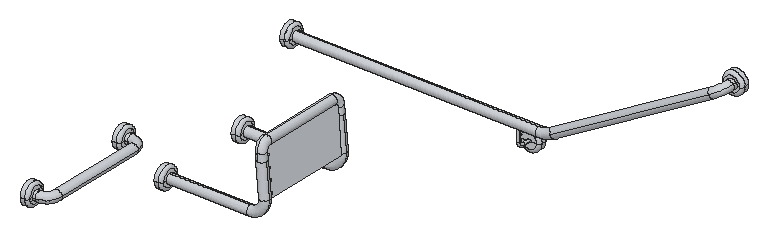
Revit family "DT5SEE+DT6SEE_AssistedWC Rail w Backrest", category Generic Models, Revit 2015
Parameters (values of type "DT5/DT6 Toilet Rail")
  Type Comments = ""
  Model = "DT5SEE/ DT6SEE"
  Manufacturer = "SURECARE"
  300GrabRail [instance] = yes
Reference planes
  plane 1 "Center (Front/Back)": y = 0
  plane 2: z = 0
  plane 3 "Center (Left/Right)": x = 0
  plane 4 "ToiletCentre": y = -450
  plane 5: y = -800
  plane 6: z = 800
  plane 7: y = -55
  plane 8: y = -1200
  plane 9: x = 800
Dimensions and locks
  plane 4 "ToiletCentre" to plane 5 = 350 mm
  aligned and locked: level to plane 2
  aligned and locked: plane 1 "Center (Front/Back)" to nested 1
  aligned and locked: plane 3 "Center (Left/Right)" to nested 2
  aligned and locked: nested 2 to plane 5
  aligned and locked: plane 9 to nested 1
  aligned and locked: plane 3 "Center (Left/Right)" to nested 3
  aligned and locked: nested 3 to plane 4 "ToiletCentre"
Nested families
  nested 1: "Cranked Toilet Rail To End Wall" at (0, 0, 0), type "CrankedRailToEndWall"
  nested 2: "300 Straight Toilet Rail" at (0, -1000, 0) x (0, 1, 0) z (0, 0, 1), visible <- "300GrabRail", type "300StraightGrabRail"
  nested 3: "SEE_SureEconomy Easirest Rail" at (0, -450, 0) x (0, 1, 0) z (0, 0, 1), type "SEE_SureEconomy Easirest Rail"
Definition of nested family "Cranked Toilet Rail To End Wall"
  Parameters
    URL = "http://www.surecare.com.au/"
    Type Comments = "Toilet Rail"
    TopOfHorizontalRail = 800 mm
    Model = "component of DT5/DT6"
    Manufacturer = "SURECARE"
    DisC = 700 mm
    DisA = 900 mm
  Reference planes
    plane 1 "Wall 2": y = 0
    plane 2: z = 0
    plane 3 "Wall 1": x = 0
    plane 4 "Bottom Rail Center": z = 784
    plane 5: z = 800
    plane 6 "RailCentre": y = -71
    plane 7: y = -55
    plane 8: x = 66
    plane 9: x = 900
    plane 10 "FixingHorizontal": x = 800
    plane 11 "CrankedUpRail": through (900, -1524, 784) normal (-0.5, 0, 0.866)
    plane 12: through (900, -1524, 784) normal (-0.866, 0, -0.5)
    plane 13 "CrankedUpRailCentre": through (1506.218, -1524, 1134) normal (-0.866, 0, -0.5)
    plane 14 "FixingVertical": z = 709
  Forms (mm)
    Revolve 1, solid
      sketch origin (-84, 0, 784) x (-1, 0, 0) y (0, -1, 0)
        loop
          line (-84, 53) -> (-109, 53) -> (-109, 43.5)
          arc (-109, 43.5) -> (-106.071, 36.429) -> (-99, 33.5) r 10
          line (-99, 33.5) -> (-84, 33.5) -> (-84, 53)
        axis (-84, 71) -> (-109, 71)
      angle from 0 to 360
    Revolve 2, solid
      sketch origin (0, 0, 709) x (-1, 0, 0) y (0, -1, 0)
        loop
          line (-806, 0) -> (-806, 25) -> (-827.5, 25)
          arc (-827.5, 25) -> (-834.571, 22.071) -> (-837.5, 15) r 10
          line (-837.5, 15) -> (-837.5, 0) -> (-806, 0)
        axis (-800, 0) -> (-800, 25)
      angle from 0 to 360
    Revolve 3, solid
      sketch origin (1506.218, 0, 1134) x (0, -1, 0) y (1, 0, 0)
        loop
          line (0, 18) -> (25, 18) -> (25, 27.5)
          arc (25, 27.5) -> (22.071, 34.571) -> (15, 37.5) r 10
          line (15, 37.5) -> (0, 37.5) -> (0, 18)
        axis (0, 0) -> (25, 0)
      angle from 0 to 360
    Sweep 4, solid
      path origin (0, 0, 0) x (1, 0, 0) y (0, 0, 1)
        loop
          line (0, 784) -> (873.205, 784)
          arc (873.205, 784) -> (899.087, 787.407) -> (923.205, 797.397) r 100
      profile origin (436.603, 0, 784) x (0, 0, 1) y (0, -1, 0)
        loop
          circle (0, 71) r 16
    Sweep 5, solid
      path origin (900, -1524, 784) x (-0.866025, 0, -0.5) y (0, -1, 0)
        loop
          line (-26.795, -1453) -> (-665, -1453)
          arc (-665, -1453) -> (-689.749, -1463.251) -> (-700, -1488) r 35
          line (-700, -1488) -> (-700, -1524)
      profile origin (1199.556, -71, 956.949) x (0, 1, 0) y (-0.5, 0, 0.866025)
        loop
          circle (0, 0) r 16
    Sweep 6, solid
      path origin (800, 0, 0) x (0, 1, 0) y (0, 0, 1)
        loop
          line (-71, 784) -> (-71, 729)
          arc (-71, 729) -> (-65.142, 714.858) -> (-51, 709) r 20
          line (-51, 709) -> (0, 709)
      profile origin (800, -71, 756.5) x (1, 0, 0) y (0, 1, 0)
        loop
          circle (0, 0) r 5
  Cuts and joins
    joined: Sweep 4, Sweep 5
  Dimensions and locks
    locked: plane 5 to plane 4 "Bottom Rail Center" at 16
    locked: plane 1 "Wall 2" to plane 6 "RailCentre" at 71
    plane 7 to plane 6 "RailCentre" = 16 mm
    plane 3 "Wall 1" to plane 8 = 66 mm
    locked: plane 3 "Wall 1" to Revolve 1 sketch curve at 15
    locked: plane 3 "Wall 1" to Revolve 1 sketch curve at 25
    locked: Revolve 1 sketch curve to plane 6 "RailCentre" at 18
    locked: Revolve 1 sketch curve to plane 6 "RailCentre" at 37.5
    "DisA": plane 9 to plane 3 "Wall 1"
    plane 9 to plane 10 "FixingHorizontal" = 100 mm
    "DisC": plane 12 to plane 13 "CrankedUpRailCentre"
    "TopOfHorizontalRail": plane 5 to level
    plane 4 "Bottom Rail Center" to plane 14 "FixingVertical" = 75 mm
    plane 10 "FixingHorizontal" to Revolve 2 sketch curve = 6 mm
    locked: plane 10 "FixingHorizontal" to Revolve 2 sketch curve at 37.5
    Revolve 2 sketch curve to plane 1 "Wall 2" = 15 mm
    locked: Revolve 2 sketch curve to plane 1 "Wall 2" at 25
    radius of Sweep 4 sketch curve = 16 mm
    locked: plane 4 "Bottom Rail Center" to plane 11 "CrankedUpRail" (angle 30.00°)
    aligned and locked: level to plane 2
    aligned and locked: Revolve 2 sketch curve to plane 10 "FixingHorizontal"
    aligned and locked: Revolve 3 to plane 1 "Wall 2"
    aligned and locked: Sweep 4 sketch curve to plane 4 "Bottom Rail Center"
  Automatic sketch dimensions
    Revolve 1 sketch curve to plane 6 "RailCentre" = 0 mm
    Revolve 1 sketch curve to plane 3 "Wall 1" = 0 mm  (x2)
    Revolve 1 sketch curve to plane 8 = 29 mm
    plane 1 "Wall 2" to Revolve 2 sketch curve = 0 mm  (x2)
    Revolve 2 sketch curve to plane 6 "RailCentre" = 24 mm
    Revolve 3 sketch curve to Revolve 3 sketch curve = 15 mm
    Revolve 3 sketch curve to Revolve 3 sketch curve = 10 mm
    Revolve 3 sketch curve to Revolve 3 sketch curve = 9.5 mm
    Sweep 4 sketch curve to plane 3 "Wall 1" = 0 mm
    Sweep 4 sketch curve to plane 9 = 26.795 mm
    Sweep 4 sketch curve to plane 5 = 2.603 mm
    profile plane to Sweep 4 sketch curve = 0 mm
    plane 1 "Wall 2" to Sweep 4 sketch curve = 71 mm
    plane 11 "CrankedUpRail" to Sweep 4 sketch curve = 0 mm
    Sweep 5 sketch curve to plane 13 "CrankedUpRailCentre" = 0 mm
    Sweep 5 sketch curve to plane 6 "RailCentre" = 0 mm
    plane 1 "Wall 2" to Sweep 5 sketch curve = 0 mm
    plane 7 to Sweep 5 sketch curve = 19 mm
    Sweep 5 sketch curve to plane 12 = 26.795 mm
    Sweep 5 sketch curve to plane 11 "CrankedUpRail" = 0 mm
    profile plane to Sweep 5 sketch curve = 0 mm
    Sweep 6 sketch curve to plane 6 "RailCentre" = 0 mm
    Sweep 6 sketch curve to plane 14 "FixingVertical" = 0 mm
    Sweep 6 sketch curve to plane 1 "Wall 2" = 0 mm
    Sweep 6 sketch curve to plane 4 "Bottom Rail Center" = 0 mm
    plane 7 to Sweep 6 sketch curve = 4 mm
    Sweep 6 sketch curve to plane 10 "FixingHorizontal" = 0 mm
    profile plane to Sweep 6 sketch curve = 0 mm
    plane 1 "Wall 2" to Revolve 3 sketch curve = 0 mm  (x2)
    Revolve 3 sketch curve to plane 6 "RailCentre" = 24 mm
    plane 9 to Revolve 3 sketch curve = 606.218 mm
    Revolve 3 sketch curve to Revolve 3 sketch curve = 18 mm
    radius of Sweep 5 sketch curve = 16 mm
    radius of Sweep 6 sketch curve = 5 mm
Definition of nested family "300 Straight Toilet Rail"
  Parameters (values of type "300StraightGrabRail")
    URL = "http://www.surecare.com.au/"
    Type Comments = "300mm Long Rail"
    Model = "component of DT5/DT6"
    Manufacturer = "SURECARE"
    DisB = 400 mm
  Reference planes
    plane 1 "Center (Front/Back)": y = 0
    plane 2: z = 0
    plane 3 "Center (Left/Right)": x = 0
    plane 4: x = 200
    plane 5 "Bottom Rail Center": z = 784
    plane 6 "Rail Top Center": z = 1884
    plane 7: z = 800
    plane 8: y = -71
    plane 9: x = 162.5
    plane 10: x = 237.5
    plane 11: x = 182
    plane 12: x = 218
    plane 13: z = 1534
    plane 14: y = -55
    plane 15: x = -200
  Forms (mm)
    Sweep 1, solid
      path origin (0, 0, 784) x (-1, 0, 0) y (0, -1, 0)
        loop
          line (200, 0) -> (200, 36)
          arc (200, 36) -> (189.749, 60.749) -> (165, 71) r 35
          line (165, 71) -> (-165, 71)
          arc (-165, 71) -> (-189.749, 60.749) -> (-200, 36) r 35
          line (-200, 36) -> (-200, 0)
      profile origin (0, -71, 784) x (0, 1, 0) y (0, 0, 1)
        loop
          circle (0, 0) r 16
    Revolve 2, solid
      sketch origin (0, 0, 784) x (-1, 0, 0) y (0, -1, 0)
        loop
          line (-218, 0) -> (-218, 25) -> (-227.5, 25)
          arc (-227.5, 25) -> (-234.571, 22.071) -> (-237.5, 15) r 10
          line (-237.5, 15) -> (-237.5, 0) -> (-218, 0)
        axis (-200, 0) -> (-200, 25)
      angle from 0 to 360
    Revolve 3, solid
      sketch origin (-300, 0, 784) x (-1, 0, 0) y (0, -1, 0)
        loop
          line (-118, 0) -> (-118, 25) -> (-127.5, 25)
          arc (-127.5, 25) -> (-134.571, 22.071) -> (-137.5, 15) r 10
          line (-137.5, 15) -> (-137.5, 0) -> (-118, 0)
        axis (-100, 0) -> (-100, 25)
      angle from 0 to 360
  Dimensions and locks
    locked: plane 6 "Rail Top Center" to plane 5 "Bottom Rail Center" at 1100
    plane 5 "Bottom Rail Center" to level = 784 mm
    plane 7 to plane 5 "Bottom Rail Center" = 16 mm
    locked: plane 1 "Center (Front/Back)" to plane 8 at 71
    plane 11 to plane 4 to plane 12 = 18 mm locked, 18 mm locked
    plane 9 to plane 4 to plane 10 = 37.5 mm locked, 37.5 mm locked
    plane 6 "Rail Top Center" to plane 13 = 350 mm
    equal spacing: plane 15, plane 3 "Center (Left/Right)", plane 4
    plane 14 to plane 8 = 16 mm
    locked: plane 15 to Revolve 3 sketch curve at 37.5
    "DisB": plane 15 to plane 4
    aligned and locked: level to plane 2
    aligned and locked: plane 4 to Sweep 1 sketch curve
    aligned and locked: plane 1 "Center (Front/Back)" to Sweep 1 sketch curve
    aligned and locked: Sweep 1 sketch curve to plane 8
    aligned and locked: plane 12 to Revolve 2 sketch curve
    aligned and locked: plane 1 "Center (Front/Back)" to Revolve 2 sketch curve
    aligned and locked: Revolve 2 sketch curve to plane 10
    aligned and locked: Revolve 2 sketch curve to plane 4
  Automatic sketch dimensions
    Sweep 1 sketch curve to plane 15 = 0 mm
    plane 1 "Center (Front/Back)" to Sweep 1 sketch curve = 0 mm
    plane 9 to Sweep 1 sketch curve = 2.5 mm
    Sweep 1 sketch curve to plane 15 = 35 mm
    Sweep 1 sketch curve to plane 5 "Bottom Rail Center" = 0 mm
    Sweep 1 sketch curve to profile plane = 0 mm
    plane 1 "Center (Front/Back)" to Revolve 2 sketch curve = 0 mm
    plane 12 to Revolve 2 sketch curve = 9.5 mm
    plane 1 "Center (Front/Back)" to Revolve 2 sketch curve = 15 mm
    Revolve 2 sketch curve to plane 8 = 24 mm
    plane 1 "Center (Front/Back)" to Revolve 3 sketch curve = 0 mm  (x2)
    Revolve 3 sketch curve to plane 15 = 0 mm
    Revolve 3 sketch curve to Revolve 3 sketch curve = 10 mm
    Revolve 3 sketch curve to Revolve 3 sketch curve = 9.5 mm
    plane 1 "Center (Front/Back)" to Revolve 3 sketch curve = 15 mm
    Revolve 3 sketch curve to plane 8 = 24 mm
    radius of Sweep 1 sketch curve = 16 mm
Definition of nested family "SEE_SureEconomy Easirest Rail"
  Parameters (values of type "SEE_SureEconomy Easirest Rail")
    Width = 335 mm
    URL = "http://www.surecare.com.au/"
    Type Comments = "Sureeconomy Easirest Rail"
    OverallHeight = 800 mm
    Model = "SEE"
    Manufacturer = "SURE CARE"
    Depth = 360 mm
  Reference planes
    plane 1 "Center (Front/Back)": y = 0
    plane 2: z = 0
    plane 3 "Center (Left/Right)": x = 0
    plane 4 "FixingLeft": x = -167.5
    plane 5 "FixingRight": x = 167.5
    plane 6 "FixingHeight": z = 580
    plane 7: z = 800
    plane 8 "Front": y = -360
    plane 9: through (0, -360, 580) normal (0, 0.9962, -0.0872)
  Forms (mm)
    Revolve 1, solid
      sketch origin (0, 0, 580) x (0, 1, 0) y (-1, 0, 0)
        loop
          line (0, 205) -> (-15, 205)
          arc (-15, 205) -> (-22.071, 202.071) -> (-25, 195) r 10
          line (-25, 195) -> (-25, 185.5) -> (0, 185.5) -> (0, 205)
        axis (0, 167.5) -> (-25, 167.5)
      angle from 0 to 360
    Revolve 2, solid
      sketch origin (335, 0, 580) x (0, 1, 0) y (-1, 0, 0)
        loop
          line (0, 205) -> (-15, 205)
          arc (-15, 205) -> (-22.071, 202.071) -> (-25, 195) r 10
          line (-25, 195) -> (-25, 185.5) -> (0, 185.5) -> (0, 205)
        axis (0, 167.5) -> (-25, 167.5)
      angle from 0 to 360
    Sweep 3, solid
      path origin (-167.5, 0, 0) x (0, 1, 0) y (0, 0, 1)
        loop
          line (0, 580) -> (-305.435, 580)
          arc (-305.435, 580) -> (-342.298, 596.22) -> (-355.244, 634.358) r 50
          line (-355.244, 634.358) -> (-345.11, 750.19)
      profile origin (-167.5, -152.717, 580) x (0, 0, -1) y (1, 0, 0)
        loop
          circle (0, 0) r 16
    Sweep 4, solid
      path origin (167.5, 0, 0) x (0, 1, 0) y (0, 0, 1)
        loop
          line (0, 580) -> (-305.435, 580)
          arc (-305.435, 580) -> (-342.298, 596.22) -> (-355.244, 634.358) r 50
          line (-355.244, 634.358) -> (-345.11, 750.19)
      profile origin (167.5, -152.717, 580) x (0, 0, -1) y (1, 0, 0)
        loop
          circle (0, 0) r 16
    Sweep 5, solid
      path origin (0, -360, 580) x (0, -0.087156, -0.996195) y (-1, 0, 0)
        loop
          line (-170.84, 167.5) -> (-195.84, 167.5)
          arc (-195.84, 167.5) -> (-213.518, 160.178) -> (-220.84, 142.5) r 25
          line (-220.84, 142.5) -> (-220.84, -142.5)
          arc (-220.84, -142.5) -> (-213.518, -160.178) -> (-195.84, -167.5) r 25
          line (-195.84, -167.5) -> (-170.84, -167.5)
      profile origin (0, -340.752, 800) x (0, -0.087156, -0.996195) y (0, 0.996195, -0.087156)
        loop
          circle (0, 0) r 16
    Extrusion 6, solid
      sketch origin (0, 0, 0) x (0, 1, 0) y (0, 0, 1)
        loop
          line (-345.675, 628.995) -> (-331.879, 786.686)
          arc (-331.879, 786.686) -> (-342.147, 784.061) -> (-351.803, 788.429) r 16
          line (-351.803, 788.429) -> (-365.599, 630.738) -> (-345.675, 628.995)
      from -151.5 to 151.5
  Cuts and joins
    joined: Sweep 3, Sweep 4, Sweep 5, Extrusion 6
  Dimensions and locks
    equal spacing: plane 4 "FixingLeft", plane 3 "Center (Left/Right)", plane 5 "FixingRight"
    "Width": plane 4 "FixingLeft" to plane 5 "FixingRight"
    "OverallHeight": plane 7 to level
    locked: plane 7 to plane 6 "FixingHeight" at 220
    "Depth": plane 1 "Center (Front/Back)" to plane 8 "Front"
    locked: Revolve 1 sketch curve to plane 4 "FixingLeft" at 18
    locked: Revolve 1 sketch curve to plane 4 "FixingLeft" at 37.5
    locked: Revolve 1 sketch curve to plane 1 "Center (Front/Back)" at 15
    locked: Revolve 2 sketch curve to Revolve 2 sketch curve at 18
    locked: Revolve 2 sketch curve to Revolve 2 sketch curve at 37.5
    locked: Revolve 2 sketch curve to plane 1 "Center (Front/Back)" at 15
    locked: Revolve 2 sketch curve to plane 1 "Center (Front/Back)" at 25
    locked: plane 6 "FixingHeight" to Sweep 3 sketch curve (angle 95.00°)
    locked: plane 6 "FixingHeight" to plane 9 (angle 95.00°)
    aligned and locked: level to plane 2
    aligned and locked: Sweep 3 sketch curve to plane 6 "FixingHeight"
  Automatic sketch dimensions
    Revolve 1 sketch curve to plane 4 "FixingLeft" = 0 mm
    plane 1 "Center (Front/Back)" to Revolve 1 sketch curve = 0 mm  (x2)
    Revolve 1 sketch curve to Revolve 1 sketch curve = 10 mm
    plane 8 "Front" to Revolve 1 sketch curve = 369.429 mm
    Revolve 2 sketch curve to plane 5 "FixingRight" = 0 mm
    plane 1 "Center (Front/Back)" to Revolve 2 sketch curve = 0 mm  (x2)
    plane 8 "Front" to Revolve 2 sketch curve = 369.429 mm
    Sweep 3 sketch curve to plane 6 "FixingHeight" = 0 mm
    Sweep 3 sketch curve to plane 1 "Center (Front/Back)" = 0 mm
    Sweep 3 sketch curve to plane 8 "Front" = 54.565 mm
    Sweep 3 sketch curve to plane 8 "Front" = 14.89 mm
    Sweep 3 sketch curve to plane 4 "FixingLeft" = 0 mm
    Sweep 3 sketch curve to profile plane = 0 mm
    Sweep 4 sketch curve to plane 7 = 49.81 mm
    Sweep 4 sketch curve to plane 6 "FixingHeight" = 0 mm
    Sweep 4 sketch curve to plane 1 "Center (Front/Back)" = 0 mm
    Sweep 4 sketch curve to plane 8 "Front" = 54.565 mm
    Sweep 4 sketch curve to plane 8 "Front" = 14.89 mm
    Sweep 4 sketch curve to plane 8 "Front" = 4.756 mm
    Sweep 4 sketch curve to Sweep 4 sketch curve = 50 mm
    Sweep 4 sketch curve to profile plane = 0 mm  (x2)
    plane 9 to Sweep 3 sketch curve = 0 mm
    Sweep 5 sketch curve to plane 5 "FixingRight" = 0 mm
    plane 4 "FixingLeft" to Sweep 5 sketch curve = 25 mm
    Sweep 5 sketch curve to Sweep 5 sketch curve = 25 mm  (x3)
    plane 4 "FixingLeft" to Sweep 5 sketch curve = 0 mm
    plane 9 to Sweep 5 sketch curve = 0 mm
    Sweep 5 sketch curve to profile plane = 0 mm
    Extrusion 6 sketch curve to plane 7 = 0 mm
    plane 9 to Extrusion 6 sketch curve = 0 mm
    Extrusion 6 sketch curve to plane 8 "Front" = 14.325 mm
    Extrusion 6 sketch curve to plane 8 "Front" = 8.197 mm
    plane 8 "Front" to Extrusion 6 sketch curve = 5.599 mm
    Extrusion 6 sketch curve to plane 7 = 13.314 mm
    Extrusion 6 sketch curve to Extrusion 6 sketch curve = 8.873 mm
    radius of Sweep 3 sketch curve = 16 mm
    radius of Sweep 4 sketch curve = 16 mm
    radius of Sweep 5 sketch curve = 16 mm
